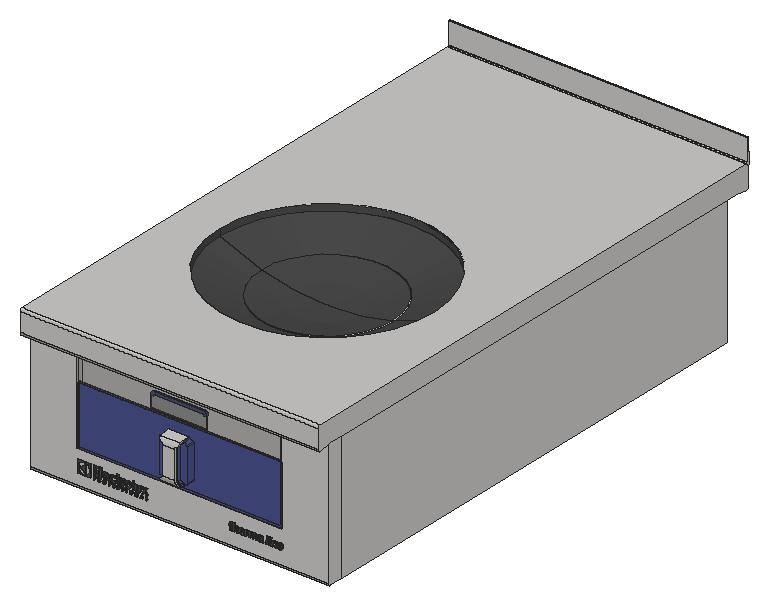
Revit family "QF_ELECTROLUXPROFESSIONAL_589035_MCIHABEOAO", category Specialty Equipment, Revit 2023
Family settings
  Round Connector Dimension = Use Diameter
  Part Type = Normal
  Work Plane-Based = No
  Enable Cutting in Views = No
  Always vertical = Yes
  Cut with Voids When Loaded = Yes
  Maintain Annotation Orientation = No
  Shared = No
  Room Calculation Point = No
Parameters
  Weight in Pounds = 39.7
  Watts = 5000 VA  # 5000 W
  Volts = 400 V  # constant formula
  URL Cutsheet = ""
  Type Mark [instance] = ""
  Top Visibility [instance] = yes
  ThermaLine_Logo_Visible [instance] = yes
  Status [instance] = ""
  Specification by User [instance] = ""
  Specification by Manufacturer = ""
  Show Backsplash [instance] = yes
  Serial Number = ""
  Seismic Rating = ""
  SMACNA No = ""
  Revision Code [instance] = ""
  Phase = 3  # constant formula
  Omniclass Number and Title = ""
  Number of Poles [instance] = 1
  NAFEM Spec ID Number = ""
  Model = "589035"
  Min Ckt Ampacity = 0 A
  Max Overcurrent Protection = 0 A
  Masterspec = ""
  Manufacturer = "ELECTROLUX"
  Item Number [instance] = ""
  Installed By [instance] = ""
  Identify Quantity as Lot [instance] = yes
  HP = "6.7 HP"
  Furnished By [instance] = ""
  Foodservice Equipment Identifier [instance] = yes
  FL Amps [instance] = if(Phase = 3, Watts / (Volts * 1.73), Watts / Volts)  # 7.22543 A
  Electrolux_Logo_Visible [instance] = yes
  Electrical Remarks = "400 V/3N ph/50/60 Hz"  # constant formula
  Electric Connection Type [instance] = ""
  Elec Conn RI Height [instance] = 0 mm
  Elec Conn Connection Height [instance] = 0 mm
  Direct Waste Size = 0"
  Description = "INDUCTION WOK,1ZONE,1S,BSPL,500X900X250H"
  Default Elevation = 0 mm
  Cycle [instance] = if([60 Hertz Option], 60 Hz, 50 Hz)  # 60 Hz
  Conn Plug = ""
  Conn Conduit = yes
  CSI MasterFormat = ""
  CSI Master Format = ""
  Apparent Power [instance] = if(Phase = 3, Volts * FL Amps * 1.73, Volts * FL Amps)  # 5000 VA
  60 Hertz Option [instance] = not([50 Hertz Option])  # yes
  50 Hertz Option [instance] = no
Reference planes
  plane 1 "BACK": y = 0
  plane 2: z = 0
  plane 3 "LEFT": x = 0
  plane 4 "RIGHT": x = 500
  plane 5 "FRONT": y = -900
  plane 6 "TOP": z = 250
  plane 7: x = 250
  plane 8: y = -569.65
  plane 9: x = 455
Forms (mm)
  Extrusion 1, solid, material "QF_Finishes_Stainless Steel", visible <- "Top Visibility"
    sketch origin (0, -487.128, 0) x (0, 1, 0) y (0, 0, 1)
      loop
        line (483.128, 250) -> (-408.872, 250)
        arc (-408.872, 250) -> (-411.7, 248.828) -> (-412.872, 246) r 4
        line (-412.872, 246) -> (-412.872, 214)
        arc (-412.872, 214) -> (-411.443, 210.936) -> (-408.177, 210.061) r 4
        line (-408.177, 210.061) -> (-391.509, 213) -> (465.765, 213) -> (482.433, 210.061)
        arc (482.433, 210.061) -> (485.699, 210.936) -> (487.128, 214) r 4
        line (487.128, 214) -> (487.128, 246)
        arc (487.128, 246) -> (485.956, 248.828) -> (483.128, 250) r 4
    from 0 to 500
  Extrusion 2, solid, material "QF_Finishes_Stainless Steel"
    sketch origin (0, -854, 0) x (1, 0, 0) y (0, -1, 0)
      loop
        circle (455, -169) r 6.35
    from 0 to 3.2
  Revolve 3, void
    sketch origin (-176.365, -569.65, 1219.2) x (-1, 0, 0) y (0, 0, 1)
      loop
        line (-426.365, -969.2) -> (-426.365, -1021.018)
        arc (-426.365, -1021.018) -> (-334.117, -1010.707) -> (-246.365, -980.45) r 421.407
        line (-246.365, -980.45) -> (-246.365, -969.2) -> (-426.365, -969.2)
      axis (-426.365, -969.2) -> (-426.365, -1021.018)
    angle from 0 to 360
  Extrusion 4, solid, material "QF_Finishes_Stainless Steel", visible <- "Show Backsplash"
    sketch origin (0, -950.048, 294.179) x (0, -1, 0) y (0, 0, -1)
      loop
        arc (-948.097, 42.179) -> (-947.511, 43.594) -> (-946.097, 44.179) r 2
        arc (-946.097, 44.179) -> (-948.877, 45.357) -> (-950.048, 48.185) r 4
        line (-950.048, 48.185) -> (-950.048, 6.179) -> (-948.097, 6.179) -> (-948.097, 42.179)
    from 0 to 500
  Extrusion 5, solid, material "QF_Finishes_Stainless Steel"
    sketch origin (0, -487.128, 0) x (0, 1, 0) y (0, 0, 1)
      loop
        line (-366.872, 213) -> (-366.872, 0) -> (441.128, 0) -> (441.128, 213) -> (-366.872, 213)
    from 0 to 500
  Revolve 6, void
    sketch origin (-176.365, -569.65, 1219.2) x (-1, 0, 0) y (0, 0, 1)
      loop
        line (-426.365, -969.2) -> (-426.365, -1021.018)
        arc (-426.365, -1021.018) -> (-334.117, -1010.707) -> (-246.365, -980.45) r 421.407
        line (-246.365, -980.45) -> (-246.365, -969.2) -> (-426.365, -969.2)
      axis (-426.365, -969.2) -> (-426.365, -1021.018)
    angle from 0 to 360
Cuts and joins
  Revolve 3, Revolve 6 cuts Extrusion 1
  Revolve 3, Revolve 6 cuts Extrusion 5
Lines and regions (mm)
  symbolic lines
    curve 1: line (0, 0, 0) -> (500, 0, 0)
    curve 2: line (0, -900, 0) -> (0, 0, 0)
    curve 3: line (500, -900, 0) -> (0, -900, 0)
    curve 4: line (500, 0, 0) -> (500, -900, 0)
    curve 5: arc (70, -569.65, 0) -> (250, -389.65, 0) -> (430, -569.65, 0) r 180
    curve 6: arc (430, -569.65, 0) -> (250, -749.65, 0) -> (70, -569.65, 0) r 180
    curve 7: line (0, -1.951, 0) -> (500, -1.951, 0)
    curve 8: line (266.108, -902.326, 0) -> (266.108, -900, 0)
    curve 9: spline (260.439, -903.73, 0) -> (260.918, -903.657, 0) -> (261.396, -903.575, 0) -> (261.873, -903.486, 0) -> (262.349, -903.389, 0) -> (262.823, -903.283, 0) -> (263.297, -903.17, 0) -> (263.769, -903.049, 0) -> (264.24, -902.92, 0) -> (264.71, -902.783, 0) -> (265.177, -902.638, 0) -> (265.643, -902.486, 0) -> (266.108, -902.326, 0)
    curve 10: line (233.892, -902.326, 0) -> (233.892, -900, 0)
    curve 11: spline (233.892, -902.326, 0) -> (234.357, -902.486, 0) -> (234.823, -902.638, 0) -> (235.29, -902.783, 0) -> (235.76, -902.92, 0) -> (236.231, -903.049, 0) -> (236.703, -903.17, 0) -> (237.177, -903.283, 0) -> (237.651, -903.389, 0) -> (238.127, -903.486, 0) -> (238.604, -903.575, 0) -> (239.082, -903.657, 0) -> (239.561, -903.73, 0)
    curve 12: line (260.439, -903.73, 0) -> (239.561, -903.73, 0)
Dimensions and locks
  plane 3 "LEFT" to plane 4 "RIGHT" = 500 mm
  plane 5 "FRONT" to plane 1 "BACK" = 900 mm
  equal spacing: plane 3 "LEFT", plane 7, plane 4 "RIGHT"
  plane 5 "FRONT" to plane 8 to plane 1 "BACK" = 330.35 mm, 569.65 mm
  plane 6 "TOP" to level = 250 mm  (x2)
  plane 1 "BACK" to plane 5 "FRONT" = 900 mm
  Extrusion 2 sketch curve to plane 1 "BACK" = 685 mm
  Extrusion 2 sketch curve to plane 4 "RIGHT" = 45 mm
  plane 1 "BACK" to Extrusion 2 = 685 mm
  plane 9 to plane 4 "RIGHT" = 45 mm
  aligned and locked: level to plane 2
  aligned and locked: plane 7 to nested 1
Automatic sketch dimensions
  Extrusion 1 sketch curve to plane 5 "FRONT" = 0 mm
  Extrusion 1 sketch curve to plane 6 "TOP" = 0 mm
  Extrusion 1 sketch curve to plane 1 "BACK" = 0 mm
  Extrusion 1 sketch curve to plane 6 "TOP" = 37 mm
  Extrusion 1 sketch curve to plane 5 "FRONT" = 4 mm
  Extrusion 1 sketch curve to plane 5 "FRONT" = 21.363 mm
  plane 1 "BACK" to Extrusion 1 sketch curve = 4 mm  (x2)
  Extrusion 1 sketch curve to Extrusion 1 sketch curve = 4 mm
  Extrusion 1 sketch curve to Extrusion 1 sketch curve = 0.695 mm
  Extrusion 1 sketch curve to Extrusion 1 sketch curve = 0 mm  (x4)
  plane 1 "BACK" to Extrusion 1 sketch curve = 4.695 mm
  Extrusion 1 sketch curve to Extrusion 1 sketch curve = 1 mm  (x2)
  Extrusion 4 sketch curve to plane 1 "BACK" = 0 mm  (x2)
  Extrusion 4 sketch curve to plane 6 "TOP" = 2 mm
  Extrusion 4 sketch curve to plane 6 "TOP" = 0 mm
  Extrusion 4 sketch curve to Extrusion 4 sketch curve = 1.951 mm
  plane 6 "TOP" to Extrusion 4 sketch curve = 0.006 mm
  Extrusion 4 sketch curve to Extrusion 4 sketch curve = 0.049 mm
  Extrusion 4 sketch curve to Extrusion 4 sketch curve = 36 mm
  Extrusion 4 sketch curve to Extrusion 4 sketch curve = 0 mm
  curve 5 to curve 6 = 0 mm  (x2)
  plane 1 "BACK" to curve 1 = 0 mm
  curve 1 to plane 4 "RIGHT" = 0 mm
  curve 2 to plane 3 "LEFT" = 0 mm
  plane 5 "FRONT" to curve 3 = 0 mm
  curve 6 to plane 8 = 0 mm
  curve 5 to plane 7 = 0 mm
  plane 5 "FRONT" to curve 8 = 2.326 mm
  plane 7 to curve 8 = 16.108 mm
  plane 5 "FRONT" to curve 12 = 3.73 mm
  curve 8 to curve 12 = 5.669 mm
  curve 12 to plane 7 = 10.439 mm
  plane 5 "FRONT" to curve 10 = 2.326 mm
  curve 12 to curve 10 = 5.669 mm
  plane 9 to curve 6 = 25 mm
  plane 5 "FRONT" to curve 9 = 4.032 mm
  curve 12 to curve 9 = 4.17 mm
  plane 5 "FRONT" to curve 11 = 4.032 mm
  curve 11 to curve 11 = 4.17 mm
  plane 1 "BACK" to curve 7 = 1.951 mm
  Revolve 3 sketch curve to plane 7 = 0 mm  (x2)
  Revolve 3 sketch curve to plane 6 "TOP" = 0 mm
  Revolve 3 sketch curve to plane 6 "TOP" = 51.818 mm
  plane 3 "LEFT" to Revolve 3 sketch curve = 70 mm
  plane 7 to Revolve 3 sketch curve = 0.405 mm
  Revolve 3 sketch curve to Revolve 3 sketch curve = 11.25 mm
  Revolve 3 sketch curve to level = 215 mm
  plane 6 "TOP" to Revolve 3 sketch curve = 110 mm
  Extrusion 5 sketch curve to level = 0 mm
  Extrusion 5 sketch curve to plane 5 "FRONT" = 46 mm
  plane 1 "BACK" to Extrusion 5 sketch curve = 46 mm
  Extrusion 5 sketch curve to plane 6 "TOP" = 37 mm
  Extrusion 1 sketch curve to Extrusion 1 sketch curve = 16.668 mm
  Revolve 6 sketch curve to plane 6 "TOP" = 0 mm
  Revolve 6 sketch curve to plane 7 = 0 mm  (x2)
  plane 7 to Revolve 6 sketch curve = 0.405 mm
  plane 3 "LEFT" to Revolve 6 sketch curve = 70 mm
  Revolve 6 sketch curve to Revolve 6 sketch curve = 11.25 mm
  Revolve 6 sketch curve to Revolve 6 sketch curve = 51.818 mm
  Revolve 6 sketch curve to level = 215 mm
  plane 6 "TOP" to Revolve 6 sketch curve = 110 mm
  radius of Extrusion 2 sketch curve = 6.35 mm
Nested families
  nested 1: "IW_900_500 Panel Single Centered" at (250, -854, -651.71), type "IW_900_500 Panel Single Centered"
  nested 2: "ELX_Professional_Logo_Small" at (138.985, -879, 33) x (1, 0, 0) z (0, -1, 0), visible <- "Electrolux_Logo_Visible", type "ELX_Professional_Logo_Small"
    with Show Logo yes, Material_Logo QF_Finishes_Black
  nested 3: "ELX_ThermaLine_Small" at (374.906, -879, 33) x (1, 0, 0) z (0, -1, 0), visible <- "ThermaLine_Logo_Visible", type "ELX_ThermaLine_Small"
    with Show Logo yes, Material_Logo QF_Finishes_Black
Connectors
  electrical at (455, -685, -3.2), driven by "Volts", driven by "Watts"
    settings: on Extrusion 2, index 1, voltage 400 V, apparent load 5000 VA, apparent load phase1 0 VA, apparent load phase2 0 VA, apparent load phase3 0 VA, power factor 1, load classification "Other", number of poles 1, system type 30, power factor state 1, is connector primary yes, connector utility no, sub classification motor no, connector description "ELECTRICAL CONNECTION"
Definition of nested family "IW_900_500 Panel Single Centered"
  Parameters (values of type "IW_900_500 Panel Single Centered")
    Default Elevation = 0 mm
  Reference planes
    plane 1 "Center (Front/Back)": y = 0
    plane 2: z = 0
    plane 3 "Center (Left/Right)": x = 0
  Forms (mm)
    Extrusion 1, solid
      sketch origin (833.217, 829.203, -1.25) x (0, 1, 0) y (0, 0, 1)
        loop
          arc (-854.203, 655.96) -> (-853.324, 653.839) -> (-851.203, 652.96) r 3
          line (-851.203, 652.96) -> (-829.203, 652.96) -> (-829.203, 865.96) -> (-854.203, 865.96) -> (-854.203, 655.96)
      from -1083.217 to -583.217
    Extrusion 2, void
      sketch origin (33.217, 829.203, 0.636) x (1, 0, 0) y (0, 0, 1)
        loop
          line (-205.217, 852.364) -> (-205.217, 710.364) -> (138.783, 710.364) -> (138.783, 852.364) -> (-205.217, 852.364)
      from 843.409 to 854.203
  Cuts and joins
    Extrusion 2 cuts Extrusion 1
  Dimensions and locks
    cut or joined group of Extrusion 1, Extrusion 2 to cut or joined group of Extrusion 1, Extrusion 2 = 500 mm  (x2)
    equal spacing: cut or joined group of Extrusion 1, Extrusion 2, nested 1, cut or joined group of Extrusion 1, Extrusion 2
    cut or joined group of Extrusion 1, Extrusion 2 to cut or joined group of Extrusion 1, Extrusion 2 = 213 mm
    aligned and locked: nested 1 to cut or joined group of Extrusion 1, Extrusion 2
  Automatic sketch dimensions
    Extrusion 1 sketch curve to plane 1 "Center (Front/Back)" = 0 mm
    plane 1 "Center (Front/Back)" to Extrusion 1 sketch curve = 22 mm
    Extrusion 1 sketch curve to Extrusion 1 sketch curve = 3 mm
    level to Extrusion 1 sketch curve = 651.71 mm
    Extrusion 1 sketch curve to Extrusion 1 sketch curve = 210 mm
    Extrusion 2 sketch curve to plane 3 "Center (Left/Right)" = 172 mm
    plane 3 "Center (Left/Right)" to Extrusion 2 sketch curve = 172 mm
    level to Extrusion 2 sketch curve = 711 mm
    Extrusion 2 sketch curve to Extrusion 2 sketch curve = 142 mm
  Nested families
    nested 1: "glass conrol panel One Right Side" at (0, 279.791, 1.886), type "glass conrol panel One Right Side"
    nested 2: "Range Control Handle" at (0, -27.043, -209.113), type "Range Control Handle"
  Definition of nested family "glass conrol panel One Right Side"
    Parameters
      Default Elevation = 0 mm
    Reference planes
      plane 1 "Center (Front/Back)": y = 0
      plane 2: z = 0
      plane 3 "Center (Left/Right)": x = 0
    Forms (mm)
      Extrusion 1, solid
        sketch origin (378.286, 0, 0.617) x (1, 0, 0) y (0, 0, 1)
          loop
            line (-550.286, 806.791) -> (-550.286, 708.497) -> (-206.286, 708.497) -> (-206.286, 806.791) -> (-550.286, 806.791)
        from 300.031 to 304.8
      Extrusion 2, solid
        sketch origin (378.286, 0, 0.617) x (1, 0, 0) y (0, 0, 1)
          loop
            line (-550.286, 850.497) -> (-550.286, 806.791) -> (-206.286, 806.791) -> (-206.286, 850.497) -> (-550.286, 850.497)
        from 300.031 to 304.8
      Extrusion 3, solid
        sketch origin (308.333, 1.101, -0.633) x (1, 0, 0) y (0, 0, 1)
          loop
            line (-261.431, 812.62) -> (-261.431, 834.177) -> (-266.24, 834.177) -> (-268.039, 835.977) -> (-348.469, 835.977) -> (-350.269, 834.177) -> (-355.186, 834.177) -> (-355.186, 812.62) -> (-261.431, 812.62)
        from 304.798 to 306.745
      Extrusion 4, solid
        sketch origin (308.333, 1.101, -0.633) x (1, 0, 0) y (0, 0, 1)
          loop
            line (-350.269, 834.177) -> (-348.469, 835.977) -> (-268.039, 835.977) -> (-266.24, 834.177) -> (-261.529, 834.177)
            arc (-261.529, 834.177) -> (-262.706, 838.752) -> (-266.98, 840.763) r 5.549
            line (-266.98, 840.763) -> (-349.686, 840.763)
            arc (-349.686, 840.763) -> (-353.942, 838.747) -> (-355.078, 834.177) r 5.5
            line (-355.078, 834.177) -> (-350.269, 834.177)
        from 304.798 to 306.745
      Extrusion 5, void
        sketch origin (378.286, 0, 0.617) x (1, 0, 0) y (0, 0, 1)
          loop
            line (-547.628, 847.565) -> (-547.628, 710.699) -> (-209.196, 710.699) -> (-209.196, 847.565) -> (-547.628, 847.565)
        from 303.697 to 304.8
    Cuts and joins
      Extrusion 5 cuts Extrusion 2
      Extrusion 5 cuts Extrusion 1
    Dimensions and locks
      aligned and locked: Extrusion 1 to Extrusion 2
      aligned and locked: Extrusion 4 sketch curve to Extrusion 3  (x4)
      aligned and locked: Extrusion 3 to Extrusion 4 sketch curve
      aligned and locked: Extrusion 4 to Extrusion 3
  Definition of nested family "Range Control Handle"
    Parameters (values of type "Range Control Handle")
      Default Elevation = 0 mm
    Reference planes
      plane 1 "Center (Front/Back)": y = 0
      plane 2: z = 0
      plane 3 "Center (Left/Right)": x = 0
      plane 4: z = 971.092
      plane 5: y = -16.9
    Forms (mm)
      Extrusion 1, solid
        sketch origin (-746.28, 380.497, 208.931) x (-1, 0, 0) y (0, 0, 1)
          loop
            line (-770.101, 786.798) -> (-770.101, 731.649)
            arc (-770.101, 731.649) -> (-769.759, 730.563) -> (-768.855, 729.87) r 1.893
            line (-768.855, 729.87) -> (-763.474, 727.911) -> (-729.81, 727.911) -> (-724.428, 729.87)
            arc (-724.428, 729.87) -> (-723.525, 730.563) -> (-723.183, 731.649) r 1.893
            line (-723.183, 731.649) -> (-723.183, 786.798)
            arc (-723.183, 786.798) -> (-723.529, 787.894) -> (-724.44, 788.593) r 1.91
            line (-724.44, 788.593) -> (-729.683, 790.819) -> (-763.601, 790.819) -> (-768.844, 788.593)
            arc (-768.844, 788.593) -> (-769.755, 787.894) -> (-770.101, 786.798) r 1.91
        from -397.397 to -378.852
      Sweep 2, solid
        path origin (-746.788, 380.496, 208.091) x (0, -1, 0) y (0, 0, 1)
          loop
            line (379.775, 793.281) -> (395.661, 791.048)
            arc (395.661, 791.048) -> (397.781, 787.377) -> (398.517, 783.202) r 12.207
            line (398.517, 783.202) -> (398.517, 737.368)
            arc (398.517, 737.368) -> (397.781, 733.193) -> (395.661, 729.522) r 12.207
            line (395.661, 729.522) -> (379.775, 727.289)
        profile origin (-746.788, -7.222, 1000.256) x (0, -0.139173, 0.990268) y (-1, 0, 0)
          loop
            line (0.782, -763.123) -> (0.782, -730.907) -> (-1.322, -730.907) -> (-1.322, -763.123) -> (0.782, -763.123)
      Sweep 3, solid
        path origin (-746.788, 380.715, 207.832) x (0, -1, 0) y (0, 0, 1)
          loop
            line (380.478, 795.442) -> (397.218, 793.09)
            arc (397.218, 793.09) -> (399.929, 788.473) -> (400.871, 783.202) r 15.207
            line (400.871, 783.202) -> (400.871, 737.584)
            arc (400.871, 737.584) -> (399.914, 732.274) -> (397.164, 727.633) r 15.207
            line (397.164, 727.633) -> (380.601, 725.305)
        profile origin (-746.788, -8.132, 1002.099) x (0, -0.139173, 0.990268) y (-1, 0, 0)
          loop
            line (0.782, -763.123) -> (0.782, -730.907) -> (-1.322, -730.907) -> (-1.322, -763.123) -> (0.782, -763.123)
      Extrusion 4, void
        sketch origin (889.253, 220.666, 207.993) x (1, 0, 0) y (0, 0, 1)
          loop
            line (-943.038, 816.854) -> (-943.038, 703.686) -> (-899.466, 734.196) -> (-899.466, 786.344) -> (-943.038, 816.854)
        from 230.636 to 242.25
      Extrusion 5, void
        sketch origin (-888.8, 220.666, 207.993) x (-1, 0, 0) y (0, 0, -1)
          loop
            line (-943.038, -816.854) -> (-899.466, -786.344) -> (-899.466, -734.196) -> (-943.038, -703.686) -> (-943.038, -816.854)
        from 230.636 to 242.25
      Extrusion 6, solid
        sketch origin (0, 0, 0) x (1, 0, 0) y (0, 0, 1)
          loop
            circle (0, 971.092) r 7.736
        from -3.137 to -1.645
    Cuts and joins
      Extrusion 4, Extrusion 5 cuts Sweep 3
      Extrusion 4, Extrusion 5 cuts Sweep 2
      Extrusion 4, Extrusion 5 cuts Extrusion 1
      joined: Extrusion 1, Extrusion 6
    Lines and regions (mm)
      symbolic lines
        curve 1: line (16.334, -16.9, 0) -> (16.334, -19.227, 0)
        curve 2: spline (16.334, -19.227, 0) -> (15.87, -19.385, 0) -> (15.404, -19.536, 0) -> (14.936, -19.678, 0) -> (14.466, -19.813, 0) -> (13.995, -19.94, 0) -> (13.523, -20.059, 0) -> (13.049, -20.171, 0) -> (12.575, -20.274, 0) -> (12.099, -20.37, 0) -> (11.622, -20.458, 0) -> (11.144, -20.537, 0) -> (10.666, -20.609, 0)
        curve 3: line (10.666, -16.9, 0) -> (10.666, -20.938, 0)
        curve 4: line (-10.213, -20.938, 0) -> (10.666, -20.938, 0)
        curve 5: line (-10.213, -20.938, 0) -> (-10.213, -16.9, 0)
        curve 6: spline (-10.213, -20.609, 0) -> (-10.691, -20.537, 0) -> (-11.169, -20.458, 0) -> (-11.646, -20.37, 0) -> (-12.122, -20.274, 0) -> (-12.597, -20.171, 0) -> (-13.07, -20.059, 0) -> (-13.542, -19.94, 0) -> (-14.013, -19.813, 0) -> (-14.483, -19.678, 0) -> (-14.951, -19.536, 0) -> (-15.417, -19.385, 0) -> (-15.881, -19.227, 0)
        curve 7: line (-15.881, -19.227, 0) -> (-15.881, -16.9, 0)
Definition of nested family "ELX_Professional_Logo_Small"
  Parameters (values of type "ELX_Professional_Logo_Small")
    Show Logo [instance] = yes
    Material_Logo [instance] = none
    Default Elevation = 0 mm
  Reference planes
    plane 1 "Centro (Fronte/Retro)": y = 0
    plane 2: z = 0
    plane 3 "Centro (Sinistra/Destra)": x = 0
  Forms (mm)
    Extrusion 1, solid
      sketch origin (0, 0, 0) x (1, 0, 0) y (0, 1, 0)
        loop
          line (-1219.2, 1219.2) -> (-1219.2, -1219.2) -> (1219.2, -1219.2) -> (1219.2, 1219.2) -> (-1219.2, 1219.2)
      from 0 to -304.8
    Extrusion 2, solid, material <- "Material_Logo"
      sketch origin (15.5, 0, 0) x (1, 0, 0) y (0, 1, 0)
        loop
          spline (-42.99, -1.24) -> (-43.195, -1.231) -> (-43.415, -1.203) -> (-43.642, -1.152) -> (-43.87, -1.074) -> (-44.095, -0.966) -> (-44.309, -0.825) -> (-44.506, -0.647) -> (-44.681, -0.429) -> (-44.828, -0.167) -> (-44.94, 0.142) -> (-45.011, 0.501) -> (-45.037, 0.915)
          line (-45.037, 0.915) -> (-45.037, 2.748) -> (-38.984, 2.748) -> (-38.984, 5.086) -> (-45.038, 5.086) -> (-45.038, 8.489) -> (-38.599, 8.489) -> (-38.599, 10.82) -> (-47.515, 10.82) -> (-47.515, 1.021)
          spline (-47.515, 1.021) -> (-47.493, 0.418) -> (-47.425, -0.15) -> (-47.311, -0.682) -> (-47.15, -1.175) -> (-46.939, -1.628) -> (-46.678, -2.038) -> (-46.365, -2.404) -> (-46, -2.723) -> (-45.58, -2.995) -> (-45.105, -3.216) -> (-44.573, -3.385) -> (-43.983, -3.499)
          line (-43.983, -3.499) -> (-43.01, -3.569) -> (-38.426, -3.569) -> (-38.426, -1.24) -> (-42.99, -1.24)
        loop
          line (-36.666, 4.021) -> (-36.666, -3.573) -> (-34.188, -3.573) -> (-34.188, 10.824) -> (-36.666, 10.824) -> (-36.666, 4.021)
        loop
          spline (-21.915, 1.897) -> (-21.957, 2.615) -> (-22.082, 3.303) -> (-22.285, 3.955) -> (-22.563, 4.564) -> (-22.913, 5.124) -> (-23.331, 5.629) -> (-23.814, 6.074) -> (-24.359, 6.451) -> (-24.961, 6.755) -> (-25.618, 6.98) -> (-26.326, 7.119) -> (-27.081, 7.167)
          spline (-27.081, 7.167) -> (-27.853, 7.122) -> (-28.586, 6.99) -> (-29.275, 6.774) -> (-29.915, 6.478) -> (-30.5, 6.104) -> (-31.024, 5.657) -> (-31.483, 5.138) -> (-31.871, 4.553) -> (-32.182, 3.904) -> (-32.411, 3.194) -> (-32.552, 2.427) -> (-32.6, 1.606)
          spline (-32.6, 1.606) -> (-32.553, 0.805) -> (-32.416, 0.057) -> (-32.193, -0.637) -> (-31.887, -1.271) -> (-31.504, -1.843) -> (-31.048, -2.35) -> (-30.523, -2.788) -> (-29.934, -3.154) -> (-29.284, -3.444) -> (-28.579, -3.656) -> (-27.822, -3.785) -> (-27.019, -3.829)
          spline (-27.019, -3.829) -> (-26.627, -3.82) -> (-26.239, -3.79) -> (-25.856, -3.739) -> (-25.477, -3.663) -> (-25.103, -3.562) -> (-24.734, -3.432) -> (-24.369, -3.273) -> (-24.01, -3.082) -> (-23.655, -2.858) -> (-23.305, -2.597) -> (-22.96, -2.299) -> (-22.621, -1.962)
          line (-22.621, -1.962) -> (-24.114, -0.509)
          spline (-24.114, -0.509) -> (-24.311, -0.699) -> (-24.509, -0.872) -> (-24.71, -1.03) -> (-24.915, -1.172) -> (-25.126, -1.297) -> (-25.346, -1.407) -> (-25.576, -1.5) -> (-25.817, -1.576) -> (-26.072, -1.636) -> (-26.342, -1.678) -> (-26.629, -1.704) -> (-26.936, -1.713)
          spline (-26.936, -1.713) -> (-27.384, -1.691) -> (-27.805, -1.625) -> (-28.196, -1.518) -> (-28.556, -1.372) -> (-28.882, -1.187) -> (-29.174, -0.966) -> (-29.429, -0.71) -> (-29.645, -0.422) -> (-29.821, -0.102) -> (-29.955, 0.247) -> (-30.045, 0.623) -> (-30.089, 1.026)
          line (-30.089, 1.026) -> (-21.956, 1.026) -> (-21.915, 1.897)
        loop
          spline (-24.446, 2.769) -> (-24.47, 3.075) -> (-24.54, 3.37) -> (-24.654, 3.65) -> (-24.807, 3.913) -> (-24.996, 4.156) -> (-25.219, 4.376) -> (-25.472, 4.57) -> (-25.753, 4.736) -> (-26.057, 4.869) -> (-26.382, 4.968) -> (-26.724, 5.03) -> (-27.081, 5.051)
          spline (-27.081, 5.051) -> (-27.464, 5.03) -> (-27.832, 4.97) -> (-28.183, 4.872) -> (-28.513, 4.74) -> (-28.819, 4.577) -> (-29.099, 4.384) -> (-29.347, 4.165) -> (-29.563, 3.923) -> (-29.742, 3.659) -> (-29.881, 3.377) -> (-29.977, 3.079) -> (-30.027, 2.769)
          line (-30.027, 2.769) -> (-24.446, 2.769)
        loop
          spline (-18.167, 1.669) -> (-18.138, 2.13) -> (-18.055, 2.567) -> (-17.921, 2.978) -> (-17.739, 3.358) -> (-17.512, 3.705) -> (-17.243, 4.016) -> (-16.937, 4.287) -> (-16.596, 4.517) -> (-16.223, 4.7) -> (-15.823, 4.835) -> (-15.398, 4.919) -> (-14.951, 4.947)
          spline (-14.951, 4.947) -> (-14.677, 4.938) -> (-14.414, 4.913) -> (-14.162, 4.871) -> (-13.921, 4.812) -> (-13.69, 4.738) -> (-13.467, 4.649) -> (-13.254, 4.544) -> (-13.048, 4.424) -> (-12.85, 4.291) -> (-12.659, 4.143) -> (-12.474, 3.981) -> (-12.295, 3.806)
          line (-12.295, 3.806) -> (-10.76, 5.403)
          spline (-10.76, 5.403) -> (-11.065, 5.709) -> (-11.38, 5.984) -> (-11.703, 6.228) -> (-12.035, 6.443) -> (-12.375, 6.63) -> (-12.723, 6.788) -> (-13.078, 6.92) -> (-13.44, 7.026) -> (-13.809, 7.107) -> (-14.184, 7.164) -> (-14.564, 7.198) -> (-14.951, 7.209)
          spline (-14.951, 7.209) -> (-15.725, 7.161) -> (-16.467, 7.02) -> (-17.169, 6.792) -> (-17.826, 6.482) -> (-18.43, 6.096) -> (-18.976, 5.637) -> (-19.455, 5.112) -> (-19.862, 4.525) -> (-20.19, 3.882) -> (-20.433, 3.189) -> (-20.584, 2.449) -> (-20.635, 1.669)
          spline (-20.635, 1.669) -> (-20.584, 0.889) -> (-20.433, 0.149) -> (-20.19, -0.545) -> (-19.862, -1.187) -> (-19.455, -1.774) -> (-18.976, -2.299) -> (-18.43, -2.758) -> (-17.826, -3.145) -> (-17.169, -3.454) -> (-16.467, -3.682) -> (-15.725, -3.823) -> (-14.951, -3.871)
          spline (-14.951, -3.871) -> (-14.564, -3.86) -> (-14.184, -3.826) -> (-13.809, -3.77) -> (-13.44, -3.689) -> (-13.078, -3.583) -> (-12.723, -3.451) -> (-12.375, -3.292) -> (-12.035, -3.105) -> (-11.703, -2.89) -> (-11.38, -2.646) -> (-11.065, -2.371) -> (-10.76, -2.066)
          line (-10.76, -2.066) -> (-12.295, -0.468)
          spline (-12.295, -0.468) -> (-12.474, -0.643) -> (-12.659, -0.805) -> (-12.85, -0.953) -> (-13.048, -1.087) -> (-13.254, -1.206) -> (-13.467, -1.311) -> (-13.69, -1.4) -> (-13.921, -1.475) -> (-14.162, -1.533) -> (-14.414, -1.575) -> (-14.677, -1.6) -> (-14.951, -1.609)
          spline (-14.951, -1.609) -> (-15.398, -1.581) -> (-15.823, -1.497) -> (-16.223, -1.362) -> (-16.596, -1.179) -> (-16.937, -0.95) -> (-17.243, -0.678) -> (-17.512, -0.367) -> (-17.739, -0.02) -> (-17.921, 0.36) -> (-18.055, 0.771) -> (-18.138, 1.208) -> (-18.167, 1.669)
        loop
          spline (-4.441, -1.243) -> (-4.659, -1.247) -> (-4.894, -1.23) -> (-5.137, -1.19) -> (-5.384, -1.121) -> (-5.628, -1.021) -> (-5.864, -0.884) -> (-6.084, -0.708) -> (-6.283, -0.488) -> (-6.454, -0.219) -> (-6.592, 0.101) -> (-6.69, 0.478) -> (-6.742, 0.914)
          line (-6.742, 0.914) -> (-6.742, 4.587) -> (-4.487, 4.587) -> (-4.487, 6.838) -> (-6.738, 6.838) -> (-6.738, 10.824) -> (-9.217, 10.824) -> (-9.217, 0.773)
          spline (-9.217, 0.773) -> (-9.164, 0.19) -> (-9.068, -0.358) -> (-8.928, -0.87) -> (-8.742, -1.343) -> (-8.511, -1.777) -> (-8.232, -2.168) -> (-7.904, -2.515) -> (-7.527, -2.816) -> (-7.098, -3.069) -> (-6.618, -3.273) -> (-6.084, -3.426) -> (-5.496, -3.525)
          line (-5.496, -3.525) -> (-4.45, -3.573) -> (-4.441, -1.243)
        loop
          spline (3.898, 6.983) -> (3.469, 7.009) -> (3.056, 7.001) -> (2.661, 6.961) -> (2.283, 6.888) -> (1.925, 6.785) -> (1.588, 6.652) -> (1.272, 6.49) -> (0.979, 6.301) -> (0.71, 6.085) -> (0.465, 5.844) -> (0.247, 5.578) -> (0.056, 5.289)
          line (0.056, 5.289) -> (0.056, 6.838) -> (-2.402, 6.838) -> (-2.402, -3.572) -> (0.056, -3.572) -> (0.056, 1.901)
          spline (0.056, 1.901) -> (0.079, 2.316) -> (0.145, 2.703) -> (0.254, 3.06) -> (0.404, 3.386) -> (0.592, 3.679) -> (0.818, 3.938) -> (1.08, 4.162) -> (1.375, 4.348) -> (1.703, 4.495) -> (2.062, 4.602) -> (2.45, 4.668) -> (2.865, 4.69)
          line (2.865, 4.69) -> (3.898, 4.586) -> (3.898, 6.983)
        loop
          spline (15.638, 1.633) -> (15.586, 2.396) -> (15.435, 3.124) -> (15.192, 3.81) -> (14.863, 4.449) -> (14.455, 5.034) -> (13.975, 5.56) -> (13.43, 6.021) -> (12.826, 6.411) -> (12.17, 6.724) -> (11.469, 6.955) -> (10.729, 7.098) -> (9.958, 7.147)
          spline (9.958, 7.147) -> (9.182, 7.098) -> (8.44, 6.955) -> (7.737, 6.724) -> (7.081, 6.411) -> (6.477, 6.021) -> (5.933, 5.56) -> (5.454, 5.034) -> (5.048, 4.449) -> (4.721, 3.81) -> (4.479, 3.124) -> (4.329, 2.396) -> (4.277, 1.633)
          spline (4.277, 1.633) -> (4.329, 0.869) -> (4.479, 0.141) -> (4.721, -0.544) -> (5.048, -1.183) -> (5.454, -1.768) -> (5.933, -2.294) -> (6.477, -2.755) -> (7.081, -3.145) -> (7.737, -3.459) -> (8.44, -3.69) -> (9.182, -3.833) -> (9.958, -3.882)
          spline (9.958, -3.882) -> (10.729, -3.833) -> (11.469, -3.69) -> (12.17, -3.459) -> (12.826, -3.145) -> (13.43, -2.755) -> (13.975, -2.294) -> (14.455, -1.768) -> (14.863, -1.183) -> (15.192, -0.544) -> (15.435, 0.141) -> (15.586, 0.869) -> (15.638, 1.633)
        loop
          spline (13.18, 1.633) -> (13.151, 2.083) -> (13.067, 2.513) -> (12.932, 2.918) -> (12.748, 3.296) -> (12.52, 3.642) -> (12.251, 3.954) -> (11.943, 4.227) -> (11.601, 4.459) -> (11.228, 4.645) -> (10.828, 4.782) -> (10.403, 4.867) -> (9.958, 4.896)
          spline (9.958, 4.896) -> (9.509, 4.867) -> (9.081, 4.782) -> (8.679, 4.645) -> (8.306, 4.459) -> (7.964, 4.227) -> (7.658, 3.954) -> (7.39, 3.642) -> (7.163, 3.296) -> (6.981, 2.918) -> (6.847, 2.513) -> (6.765, 2.083) -> (6.736, 1.633)
          spline (6.736, 1.633) -> (6.765, 1.182) -> (6.847, 0.753) -> (6.981, 0.347) -> (7.163, -0.031) -> (7.39, -0.377) -> (7.658, -0.689) -> (7.964, -0.962) -> (8.306, -1.193) -> (8.679, -1.38) -> (9.081, -1.517) -> (9.509, -1.602) -> (9.958, -1.631)
          spline (9.958, -1.631) -> (10.403, -1.602) -> (10.828, -1.517) -> (11.228, -1.38) -> (11.601, -1.193) -> (11.943, -0.962) -> (12.251, -0.689) -> (12.52, -0.377) -> (12.748, -0.031) -> (12.932, 0.347) -> (13.067, 0.753) -> (13.151, 1.182) -> (13.18, 1.633)
        loop
          line (17.162, 4.269) -> (17.162, -3.573) -> (19.642, -3.573) -> (19.642, 10.824) -> (17.162, 10.824) -> (17.162, 4.269)
        loop
          line (28.581, 6.838) -> (28.581, 0.786)
          spline (28.581, 0.786) -> (28.561, 0.393) -> (28.503, 0.038) -> (28.409, -0.279) -> (28.281, -0.559) -> (28.122, -0.802) -> (27.933, -1.011) -> (27.717, -1.185) -> (27.476, -1.325) -> (27.213, -1.433) -> (26.929, -1.509) -> (26.626, -1.554) -> (26.308, -1.569)
          spline (26.308, -1.569) -> (25.99, -1.554) -> (25.688, -1.509) -> (25.404, -1.434) -> (25.141, -1.326) -> (24.9, -1.187) -> (24.684, -1.014) -> (24.496, -0.807) -> (24.336, -0.565) -> (24.209, -0.288) -> (24.115, 0.026) -> (24.057, 0.376) -> (24.037, 0.765)
          line (24.037, 0.765) -> (24.037, 6.838) -> (21.537, 6.838) -> (21.537, 0.558)
          spline (21.537, 0.558) -> (21.581, -0.153) -> (21.71, -0.8) -> (21.916, -1.384) -> (22.195, -1.904) -> (22.54, -2.362) -> (22.944, -2.757) -> (23.403, -3.09) -> (23.909, -3.362) -> (24.456, -3.572) -> (25.04, -3.722) -> (25.652, -3.811) -> (26.288, -3.841)
          spline (26.288, -3.841) -> (26.929, -3.811) -> (27.547, -3.72) -> (28.135, -3.568) -> (28.687, -3.355) -> (29.197, -3.079) -> (29.66, -2.741) -> (30.068, -2.341) -> (30.415, -1.877) -> (30.696, -1.349) -> (30.905, -0.757) -> (31.034, -0.101) -> (31.079, 0.621)
          line (31.079, 0.621) -> (31.079, 6.838) -> (28.581, 6.838)
        loop
          line (40.457, -0.243) -> (38.894, 1.942) -> (40.83, 4.579) -> (42.488, 6.837) -> (39.782, 6.837) -> (37.53, 3.719) -> (35.258, 6.837) -> (32.573, 6.837) -> (34.113, 4.731) -> (36.167, 1.922) -> (34.014, -1.076) -> (32.222, -3.573) -> (34.887, -3.573) -> (37.53, 0.104) -> (40.174, -3.573) -> (42.839, -3.573) -> (40.457, -0.243)
        loop
          line (-46.121, -5.837) -> (-48.039, -5.837) -> (-48.039, -10.814) -> (-47.016, -10.814) -> (-47.016, -9.128) -> (-46.121, -9.128)
          arc (-46.121, -9.128) -> (-44.476, -7.482) -> (-46.121, -5.837) r 1.645
        loop
          line (-46.163, -6.778) -> (-47.016, -6.778) -> (-47.016, -8.187) -> (-46.163, -8.187)
          arc (-46.163, -8.187) -> (-45.458, -7.482) -> (-46.163, -6.778) r 0.704
        loop
          line (-38.313, -5.837) -> (-40.265, -5.837) -> (-40.265, -10.814) -> (-39.241, -10.814) -> (-39.241, -9.1) -> (-38.46, -9.182) -> (-37.48, -10.814) -> (-36.318, -10.814) -> (-37.513, -8.848)
          arc (-37.513, -8.848) -> (-36.888, -8.266) -> (-36.671, -7.441) r 1.536
          arc (-36.671, -7.441) -> (-37.165, -6.305) -> (-38.313, -5.837) r 1.643
        loop
          arc (-38.402, -8.166) -> (-37.707, -7.505) -> (-38.334, -6.778) r 0.696
          line (-38.334, -6.778) -> (-39.241, -6.778) -> (-39.241, -8.166) -> (-38.402, -8.166)
        loop
          circle (-29.965, -8.325) r 2.585
        loop
          circle (-29.965, -8.325) r 1.64
        loop
          line (-23.1, -5.837) -> (-23.1, -10.814) -> (-22.076, -10.814) -> (-22.076, -8.768) -> (-20.204, -8.768) -> (-20.204, -7.828) -> (-22.076, -7.828) -> (-22.076, -6.778) -> (-20.024, -6.778) -> (-20.024, -5.837) -> (-23.1, -5.837)
        loop
          line (-15.802, -5.837) -> (-15.802, -9.2)
          arc (-15.802, -9.2) -> (-15.343, -10.34) -> (-14.209, -10.814) r 1.593
          line (-14.209, -10.814) -> (-12.602, -10.814) -> (-12.602, -10.027) -> (-14.004, -10.027)
          arc (-14.004, -10.027) -> (-14.552, -9.8) -> (-14.779, -9.252) r 0.775
          line (-14.779, -9.252) -> (-14.779, -8.424) -> (-12.789, -8.424) -> (-12.789, -7.642) -> (-14.779, -7.642) -> (-14.779, -6.778) -> (-12.651, -6.778) -> (-12.651, -5.837) -> (-15.802, -5.837)
        loop
          line (-5.909, -7.143) -> (-5.173, -6.638)
          arc (-5.173, -6.638) -> (-5.855, -5.974) -> (-6.781, -5.755) r 1.782
          arc (-6.781, -5.755) -> (-7.397, -5.878) -> (-7.944, -6.189) r 1.974
          arc (-7.944, -6.189) -> (-8.202, -6.5) -> (-8.317, -6.888) r 1.013
          arc (-8.317, -6.888) -> (-8.306, -7.341) -> (-8.192, -7.78) r 1.985
          arc (-8.192, -7.78) -> (-7.749, -8.259) -> (-7.171, -8.563) r 1.928
          arc (-7.171, -8.563) -> (-6.637, -8.779) -> (-6.131, -9.056) r 5.041
          arc (-6.131, -9.056) -> (-5.934, -9.387) -> (-6.09, -9.74) r 0.42
          arc (-6.09, -9.74) -> (-6.631, -9.96) -> (-7.204, -9.845) r 1.016
          arc (-7.204, -9.845) -> (-7.625, -9.603) -> (-7.889, -9.196) r 1.033
          line (-7.889, -9.196) -> (-8.67, -9.686)
          arc (-8.67, -9.686) -> (-8.361, -10.198) -> (-7.908, -10.589) r 1.914
          arc (-7.908, -10.589) -> (-7.334, -10.834) -> (-6.714, -10.896) r 2.063
          arc (-6.714, -10.896) -> (-5.947, -10.743) -> (-5.256, -10.376) r 2.696
          arc (-5.256, -10.376) -> (-4.95, -9.565) -> (-5.108, -8.712) r 1.618
          arc (-5.108, -8.712) -> (-5.448, -8.319) -> (-5.884, -8.035) r 1.876
          arc (-5.884, -8.035) -> (-6.434, -7.789) -> (-6.999, -7.577) r 9.883
          arc (-6.999, -7.577) -> (-7.325, -7.07) -> (-6.854, -6.694) r 0.45
          arc (-6.854, -6.694) -> (-6.329, -6.809) -> (-5.909, -7.143) r 1.197
        loop
          line (1.61, -7.143) -> (2.345, -6.638)
          arc (2.345, -6.638) -> (1.663, -5.974) -> (0.737, -5.755) r 1.782
          arc (0.737, -5.755) -> (0.121, -5.878) -> (-0.425, -6.189) r 1.974
          arc (-0.425, -6.189) -> (-0.683, -6.5) -> (-0.799, -6.888) r 1.013
          arc (-0.799, -6.888) -> (-0.788, -7.341) -> (-0.674, -7.78) r 1.985
          arc (-0.674, -7.78) -> (-0.231, -8.259) -> (0.347, -8.563) r 1.928
          arc (0.347, -8.563) -> (0.881, -8.779) -> (1.387, -9.056) r 5.041
          arc (1.387, -9.056) -> (1.584, -9.387) -> (1.428, -9.74) r 0.42
          arc (1.428, -9.74) -> (0.887, -9.96) -> (0.314, -9.845) r 1.016
          arc (0.314, -9.845) -> (-0.107, -9.603) -> (-0.371, -9.196) r 1.033
          line (-0.371, -9.196) -> (-1.152, -9.686)
          arc (-1.152, -9.686) -> (-0.842, -10.198) -> (-0.39, -10.589) r 1.914
          arc (-0.39, -10.589) -> (0.184, -10.834) -> (0.804, -10.896) r 2.063
          arc (0.804, -10.896) -> (1.572, -10.743) -> (2.263, -10.376) r 2.696
          arc (2.263, -10.376) -> (2.568, -9.565) -> (2.411, -8.712) r 1.618
          arc (2.411, -8.712) -> (2.07, -8.319) -> (1.635, -8.035) r 1.876
          arc (1.635, -8.035) -> (1.084, -7.789) -> (0.519, -7.577) r 9.883
          arc (0.519, -7.577) -> (0.193, -7.07) -> (0.665, -6.694) r 0.45
          arc (0.665, -6.694) -> (1.189, -6.809) -> (1.61, -7.143) r 1.197
        loop
          line (6.801, -5.837) -> (6.801, -10.814) -> (7.825, -10.814) -> (7.825, -5.837) -> (6.801, -5.837)
        loop
          circle (14.724, -8.325) r 1.548
        loop
          circle (14.724, -8.325) r 2.585
        loop
          line (21.59, -10.814) -> (22.623, -10.814) -> (22.623, -7.685) -> (24.9, -10.814) -> (25.895, -10.814) -> (25.895, -5.837) -> (24.861, -5.837) -> (24.861, -9.061) -> (22.585, -5.837) -> (21.59, -5.837) -> (21.59, -10.814)
        loop
          line (31.054, -10.814) -> (31.539, -9.74) -> (33.38, -9.74) -> (33.865, -10.814) -> (34.965, -10.814) -> (32.46, -5.837) -> (29.956, -10.814) -> (31.054, -10.814)
        loop
          line (32.46, -7.698) -> (31.999, -8.719) -> (32.921, -8.719) -> (32.46, -7.698)
        loop
          line (40.047, -9.873) -> (40.047, -5.837) -> (39.024, -5.837) -> (39.024, -10.814) -> (41.961, -10.814) -> (41.961, -9.873) -> (40.047, -9.873)
        loop
          line (-74.986, -10.814) -> (-53.322, -10.814) -> (-53.322, 10.82) -> (-74.986, 10.82) -> (-74.986, -10.814)
        loop
          line (-61.261, 9.758) -> (-61.261, -9.707)
          arc (-61.261, -9.707) -> (-54.066, 0.025) -> (-61.261, 9.758) r 10.18
        loop
          line (-62.251, 8.349) -> (-62.251, 9.758)
          arc (-62.251, 9.758) -> (-70.347, 7.918) -> (-74.247, 0.59) r 9.976
          line (-74.247, 0.59) -> (-71.026, 0.59)
          arc (-71.026, 0.59) -> (-65.274, 2.925) -> (-62.251, 8.349) r 9.351
        loop
          arc (-74.247, -0.539) -> (-70.353, -7.928) -> (-62.251, -9.957) r 10.237
          line (-62.251, -9.957) -> (-62.251, -8.298)
          arc (-62.251, -8.298) -> (-65.274, -2.874) -> (-71.026, -0.539) r 9.351
          line (-71.026, -0.539) -> (-74.247, -0.539)
      from 0 to 0.8
  Dimensions and locks
    aligned and locked: plane 2 to Extrusion 1
    aligned and locked: level to Extrusion 1
Definition of nested family "ELX_ThermaLine_Small"
  Parameters (values of type "ELX_ThermaLine_Small")
    Show Logo [instance] = yes
    Material_Logo [instance] = none
    Default Elevation = 0 mm
  Reference planes
    plane 1 "Centro (Fronte/Retro)": y = 0
    plane 2: z = 0
    plane 3 "Centro (Sinistra/Destra)": x = 0
  Forms (mm)
    Extrusion 1, solid
      sketch origin (0, 0, 0) x (1, 0, 0) y (0, 1, 0)
        loop
          line (-1219.2, 1219.2) -> (-1219.2, -1219.2) -> (1219.2, -1219.2) -> (1219.2, 1219.2) -> (-1219.2, 1219.2)
      from 0 to -304.8
    Extrusion 2, solid
      sketch origin (0, 0, 0) x (1, 0, 0) y (0, 1, 0)
        loop
          line (-37.494, 1.229) -> (-35.908, 1.229) -> (-35.908, 3.066) -> (-37.494, 3.066) -> (-37.494, 6.221) -> (-39.867, 4.881) -> (-39.867, 3.066) -> (-40.969, 3.066) -> (-40.969, 1.229) -> (-39.867, 1.229) -> (-39.867, -3.407)
          arc (-39.867, -3.407) -> (-38.982, -5.513) -> (-36.751, -6.001) r 2.478
          line (-36.751, -6.001) -> (-35.638, -5.7) -> (-35.9, -3.835) -> (-36.661, -4.039)
          arc (-36.661, -4.039) -> (-37.236, -3.924) -> (-37.494, -3.399) r 0.662
          line (-37.494, -3.399) -> (-37.494, 1.229)
        loop
          line (-34.242, 6.539) -> (-34.242, -5.848) -> (-31.854, -5.848) -> (-31.854, -0.078)
          arc (-31.854, -0.078) -> (-30.939, 1.249) -> (-29.33, 1.367) r 1.866
          arc (-29.33, 1.367) -> (-28.695, 0.768) -> (-28.461, -0.073) r 1.627
          line (-28.461, -0.073) -> (-28.461, -5.848) -> (-26.086, -5.848) -> (-26.064, -0.46)
          arc (-26.064, -0.46) -> (-26.261, 0.932) -> (-26.786, 2.237) r 5.825
          arc (-26.786, 2.237) -> (-29.381, 3.264) -> (-31.854, 1.971) r 3.353
          line (-31.854, 1.971) -> (-31.854, 6.539) -> (-34.242, 6.539)
        loop
          arc (-18.398, -0.598) -> (-18.893, 0.879) -> (-20.326, 1.487) r 1.897
          arc (-20.326, 1.487) -> (-21.461, 0.708) -> (-21.897, -0.598) r 2.164
          line (-21.897, -0.598) -> (-18.398, -0.598)
        loop
          arc (-16.021, -2.044) -> (-16.754, 1.227) -> (-19.444, 3.226) r 4.814
          arc (-19.444, 3.226) -> (-22.137, 2.788) -> (-23.943, 0.743) r 4.054
          arc (-23.943, 0.743) -> (-24.382, -1.249) -> (-24.162, -3.276) r 6.289
          arc (-24.162, -3.276) -> (-23.302, -4.71) -> (-21.958, -5.705) r 4.28
          arc (-21.958, -5.705) -> (-18.558, -5.814) -> (-16.152, -3.409) r 4.28
          line (-16.152, -3.409) -> (-18.5, -2.995)
          arc (-18.5, -2.995) -> (-19.273, -3.994) -> (-20.533, -4.076) r 1.536
          arc (-20.533, -4.076) -> (-21.56, -3.281) -> (-21.958, -2.044) r 2.197
          line (-21.958, -2.044) -> (-16.021, -2.044)
        loop
          line (-14.165, -5.848) -> (-11.819, -5.848) -> (-11.819, -2.138)
          arc (-11.819, -2.138) -> (-11.787, -1.156) -> (-11.637, -0.185) r 8.18
          arc (-11.637, -0.185) -> (-10.644, 0.972) -> (-9.132, 0.776) r 1.603
          line (-9.132, 0.776) -> (-8.419, 2.846)
          arc (-8.419, 2.846) -> (-10.432, 3.118) -> (-11.994, 1.821) r 2.527
          line (-11.994, 1.821) -> (-11.994, 3.094) -> (-14.165, 3.094) -> (-14.165, -5.848)
        loop
          line (-7.579, 3.094) -> (-7.579, -5.848) -> (-5.178, -5.848) -> (-5.178, -0.756)
          arc (-5.178, -0.756) -> (-4.727, 0.679) -> (-3.417, 1.419) r 2.05
          arc (-3.417, 1.419) -> (-2.499, 0.908) -> (-2.155, -0.085) r 1.471
          line (-2.155, -0.085) -> (-2.155, -5.848) -> (0.23, -5.848) -> (0.23, -1.001)
          arc (0.23, -1.001) -> (0.47, 0.127) -> (1.148, 1.061) r 2.775
          arc (1.148, 1.061) -> (2.225, 1.329) -> (3.05, 0.587) r 1.182
          arc (3.05, 0.587) -> (3.199, -0.019) -> (3.214, -0.642) r 2.894
          line (3.214, -0.642) -> (3.214, -5.848) -> (5.601, -5.848) -> (5.601, 0.261)
          arc (5.601, 0.261) -> (4.87, 2.263) -> (2.976, 3.241) r 2.932
          arc (2.976, 3.241) -> (1.284, 2.973) -> (-0.047, 1.896) r 3.309
          arc (-0.047, 1.896) -> (-1.116, 2.865) -> (-2.506, 3.258) r 3.16
          arc (-2.506, 3.258) -> (-4.105, 2.942) -> (-5.376, 1.92) r 3.419
          line (-5.376, 1.92) -> (-5.376, 3.094) -> (-7.579, 3.094)
        loop
          line (7.583, 0.738) -> (9.702, 0.364)
          arc (9.702, 0.364) -> (11.441, 1.492) -> (12.855, -0.023) r 1.613
          line (12.855, -0.023) -> (9.782, -0.789)
          arc (9.782, -0.789) -> (8.559, -1.346) -> (7.617, -2.305) r 3.687
          arc (7.617, -2.305) -> (7.499, -3.681) -> (7.901, -5.003) r 3.651
          arc (7.901, -5.003) -> (9.107, -5.766) -> (10.515, -6.006) r 3.635
          arc (10.515, -6.006) -> (11.898, -5.697) -> (13.067, -4.895) r 3.734
          line (13.067, -4.895) -> (13.376, -5.848) -> (15.75, -5.848) -> (15.212, -4.193) -> (15.212, 0.38)
          arc (15.212, 0.38) -> (14.897, 1.849) -> (13.818, 2.895) r 2.585
          arc (13.818, 2.895) -> (11.792, 3.442) -> (9.719, 3.11) r 5.005
          arc (9.719, 3.11) -> (8.369, 2.178) -> (7.583, 0.738) r 3.54
        loop
          line (19.723, -5.848) -> (22.233, -5.848) -> (24.854, 6.484) -> (22.345, 6.484) -> (19.723, -5.848)
        loop
          line (24.583, -5.848) -> (26.953, -5.848) -> (28.848, 3.066) -> (26.478, 3.066) -> (24.583, -5.848)
        loop
          line (27.204, 6.484) -> (26.741, 4.305) -> (29.111, 4.305) -> (29.575, 6.484) -> (27.204, 6.484)
        loop
          line (29.355, -5.848) -> (31.849, -5.848) -> (33.098, 0.028)
          arc (33.098, 0.028) -> (34.169, 1.306) -> (35.832, 1.422) r 2.132
          arc (35.832, 1.422) -> (36.324, 0.752) -> (36.383, -0.078) r 1.5
          line (36.383, -0.078) -> (35.157, -5.848) -> (37.536, -5.848) -> (38.936, 0.738)
          arc (38.936, 0.738) -> (38.775, 2.091) -> (37.825, 3.066) r 2.118
          arc (37.825, 3.066) -> (35.392, 3.175) -> (33.295, 1.937) r 4.271
          line (33.295, 1.937) -> (33.535, 3.066) -> (31.25, 3.066) -> (29.355, -5.848)
        loop
          line (42.792, -0.64) -> (46.589, -0.64)
          arc (46.589, -0.64) -> (46.639, 0.124) -> (46.327, 0.823) r 1.589
          arc (46.327, 0.823) -> (45.117, 1.521) -> (43.762, 1.183) r 1.865
          arc (43.762, 1.183) -> (43.141, 0.344) -> (42.792, -0.64) r 3.538
        loop
          line (42.565, -2.138) -> (48.593, -2.138)
          arc (48.593, -2.138) -> (48.58, 0.597) -> (46.983, 2.818) r 4.494
          arc (46.983, 2.818) -> (44.191, 3.28) -> (41.725, 1.891) r 4.26
          arc (41.725, 1.891) -> (40.503, -0.3) -> (40.284, -2.799) r 6.003
          arc (40.284, -2.799) -> (40.959, -4.468) -> (42.377, -5.576) r 3.482
          arc (42.377, -5.576) -> (44.265, -5.961) -> (46.152, -5.576) r 4.823
          arc (46.152, -5.576) -> (47.432, -4.731) -> (48.328, -3.485) r 4.245
          line (48.328, -3.485) -> (46.168, -3.105)
          arc (46.168, -3.105) -> (45.214, -4.072) -> (43.859, -4.181) r 1.953
          arc (43.859, -4.181) -> (42.821, -3.408) -> (42.565, -2.138) r 1.81
        loop
          line (12.868, -1.553) -> (10.216, -2.214)
          arc (10.216, -2.214) -> (9.747, -3.136) -> (10.216, -4.058) r 1.14
          arc (10.216, -4.058) -> (11.537, -4.249) -> (12.614, -3.46) r 1.763
          arc (12.614, -3.46) -> (12.858, -2.522) -> (12.868, -1.553) r 3.97
      from 0 to 0.8
  Dimensions and locks
    aligned and locked: plane 2 to Extrusion 1
    aligned and locked: level to Extrusion 1
